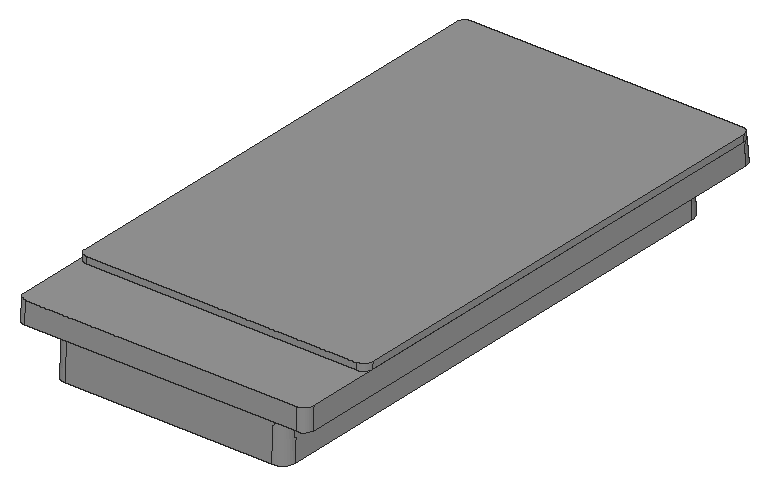
Revit family "AlarmsAlarmConsole", category Security Devices, host Face, Revit 2019
Family settings
  Host = Face
  Maintain Annotation Orientation = Yes
  Round Connector Dimension = Use Diameter
  Part Type = Normal
  Cut with Voids When Loaded = No
  Shared = No
  Room Calculation Point = Yes
Parameters (values of type "BC82")
  Width = 6.35"
  URL = "https://www.verkada.com/alarms/console/"
  Type Image = BC82.png
  BC82 = yes
  BC51 Tablet = no
  BC51 Mount = no
  Model = "BC82-HW"
  Manufacturer = "VERKADA"  # constant formula
  Length = 12.22"
  Height = 1.59"
  Description = "ALARM CONSOLE"
  Default Elevation = 48.0"
  Corner Radius = 0.25"  # constant formula
Types (3): name | Width | Type Image | BC82 | BC51 Tablet | BC51 Mount | Model | Length | Height | Description
  BC51 Mount | 6.8" | BC51.png | no | no | yes | "BC51-HW" | 9.8" | 1.5" | "ALARM CONSOLE - WALL MOUNT"
  BC51 Tablet | 6.8" | BC51.png | no | yes | no | "BC51-HW" | 9.8" | 0.29" | "ALARM CONSOLE - TABLET"
  BC82 | 6.35" | BC82.png | yes | no | no | "BC82-HW" | 12.22" | 1.59" | "ALARM CONSOLE"
Reference planes (in)
  plane 1 "Center (Front/Back)": y = 0
  plane 2: z = 0
  plane 3 "Center (Left/Right)": x = 0
  plane 4: x = 3.175
  plane 5: y = 6.11
  plane 6: y = -6.11
  plane 7: x = -3.175
  plane 8: z = 1.59
Forms (in)
  Extrusion 1, solid, material "Verkada Black", visible <- "BC51 Tablet"
    sketch origin (0, 0, 0) x (1, 0, 0) y (0, 1, 0)
      loop
        arc (-2.925, 6.11) -> (-3.10178, 6.03678) -> (-3.175, 5.86) r 0.25
        line (-3.175, 5.86) -> (-3.175, -5.86)
        arc (-3.175, -5.86) -> (-3.10178, -6.03678) -> (-2.925, -6.11) r 0.25
        line (-2.925, -6.11) -> (2.925, -6.11)
        arc (2.925, -6.11) -> (3.10178, -6.03678) -> (3.175, -5.86) r 0.25
        line (3.175, -5.86) -> (3.175, 5.86)
        arc (3.175, 5.86) -> (3.10178, 6.03678) -> (2.925, 6.11) r 0.25
        line (2.925, 6.11) -> (-2.925, 6.11)
    from 0 to 1.59 <- "Height"
  Extrusion 2, void
    sketch origin (0.00198, -0.25994, 0) x (1, 0, 0) y (0, 1, 0)
      loop
        circle (0, 5.85417) r 0.03126
      loop
        circle (0, -5.62285) r 0.21785
    from 0 to 1.59
  Extrusion 3, solid, material "Verkada Black", visible <- "BC51 Mount"
    sketch origin (0, 0, 0) x (1, 0, 0) y (0, 1, 0)
      loop
        arc (-3.50374, 6.6725) -> (-3.68052, 6.59928) -> (-3.75374, 6.4225) r 0.25
        line (-3.75374, 6.4225) -> (-3.75374, -7.5475) -> (3.75374, -7.5475) -> (3.75374, 6.4225)
        arc (3.75374, 6.4225) -> (3.68052, 6.59928) -> (3.50374, 6.6725) r 0.25
        line (3.50374, 6.6725) -> (-3.50374, 6.6725)
      loop
        line (2.925, 6.11) -> (-2.925, 6.11)
        arc (-2.925, 6.11) -> (-3.10178, 6.03678) -> (-3.175, 5.86) r 0.25
        line (-3.175, 5.86) -> (-3.175, -5.86)
        arc (-3.175, -5.86) -> (-3.10178, -6.03678) -> (-2.925, -6.11) r 0.25
        line (-2.925, -6.11) -> (2.925, -6.11)
        arc (2.925, -6.11) -> (3.10178, -6.03678) -> (3.175, -5.86) r 0.25
        line (3.175, -5.86) -> (3.175, 5.86)
        arc (3.175, 5.86) -> (3.10178, 6.03678) -> (2.925, 6.11) r 0.25
    from 0 to 1.59 <- "Height"
Dimensions and locks (in)
  equal spacing: plane 7, plane 3 "Center (Left/Right)", plane 4
  "Width": plane 7 to plane 4
  "Height": plane 8 to level
  equal spacing: plane 6, plane 1 "Center (Front/Back)", plane 5
  "Length": plane 6 to plane 5
  "Corner Radius": radius of Extrusion 1 sketch curve  (x4)
  aligned and locked: plane 2 to host face
  aligned and locked: level to host face
  aligned and locked: plane 5 to Extrusion 1 sketch curve
  aligned and locked: plane 7 to Extrusion 1 sketch curve
  aligned and locked: Extrusion 1 sketch curve to plane 6
  aligned and locked: Extrusion 1 sketch curve to plane 4
  aligned and locked: Extrusion 2 to level
  aligned and locked: Extrusion 2 to plane 8
Automatic sketch dimensions
  host sketch curve to host sketch curve = 96.0"  (x2)
  Extrusion 3 sketch curve to plane 7 = 0.57874"
  Extrusion 3 sketch curve to Extrusion 3 sketch curve = 0.25"  (x2)
  plane 4 to Extrusion 3 sketch curve = 0.32874"
  plane 6 to Extrusion 3 sketch curve = 1.4375"
  Extrusion 3 sketch curve to plane 5 = 0.3125"
  Extrusion 3 sketch curve to plane 7 = 0.0"
  plane 6 to Extrusion 3 sketch curve = 0.0"
  plane 5 to Extrusion 3 sketch curve = 0.0"
  Extrusion 3 sketch curve to plane 4 = 0.0"
  plane 7 to Extrusion 3 sketch curve = 0.25"  (x2)
  Extrusion 3 sketch curve to plane 4 = 0.25"  (x2)
  plane 3 "Center (Left/Right)" to Extrusion 2 sketch curve = 0.00198"  (x2)
  Extrusion 2 sketch curve to plane 6 = 0.22722"
  plane 5 to Extrusion 2 sketch curve = 0.51577"
  radius of Extrusion 2 sketch curve = 0.03126"
  radius of Extrusion 2 sketch curve = 0.21785"
Nested families (in)
  nested 1: "PlanSymbol_AlarmConsole" at (0, 0, 0), type "Standard"
  nested 2: "AlarmConsole" at (0, 0, 0), visible <- "BC82", type "BC82"
Connectors (in)
  electrical at (0, 0, 0)
    settings: index 2, voltage 0 V, apparent load 0 VA, apparent load phase1 0 VA, apparent load phase2 0 VA, apparent load phase3 0 VA, power factor 1, load classification "Other", number of poles 1, system type 10, power factor state 1, is connector primary yes, connector utility no, sub classification motor no, connector description ""
Definition of nested family "AlarmConsole"
  Parameters (values of type "BC82")
    Width = 6.35"
    URL = "https://www.verkada.com/alarms/console/"
    Type Image = (empty or 0)
    Model = "BC82"
    Manufacturer = "VERKADA"  # constant formula
    Length = 12.22"
    Height = 1.59"
    Description = "ALARM CONSOLE"
    Default Elevation = 48.0"
    Corner Radius = 0.15"  # constant formula
  Reference planes (in)
    plane 1 "Center (Front/Back)": y = 0
    plane 2: z = 0
    plane 3 "Center (Left/Right)": x = 0
    plane 4: x = 3.175
    plane 5: y = 6.11
    plane 6: y = -6.11
    plane 7: x = -3.175
    plane 8: z = 1.59
  Forms (in)
    Extrusion 1, solid
      sketch origin (0, 0, 0) x (1, 0, 0) y (0, 1, 0)
        loop
          line (-48, 48) -> (-48, -48) -> (48, -48) -> (48, 48) -> (-48, 48)
      from 0 to -12
    Blend 2, solid
      base sketch origin (18.21374, -10.60161, 0.98426) x (1, 0, 0) y (0, 1, 0)
        loop
          arc (-21.19654, 16.71525) -> (-21.33555, 16.65768) -> (-21.39312, 16.51867) r 0.19658
          line (-21.39312, 16.51867) -> (-21.39312, 4.69175)
          arc (-21.39312, 4.69175) -> (-21.33554, 4.55275) -> (-21.19654, 4.49517) r 0.19658
          line (-21.19654, 4.49517) -> (-15.24466, 4.49517)
          arc (-15.24466, 4.49517) -> (-15.10159, 4.55443) -> (-15.04233, 4.6975) r 0.20234
          line (-15.04233, 4.6975) -> (-15.04233, 16.52391)
          arc (-15.04233, 16.52391) -> (-15.09837, 16.65921) -> (-15.23367, 16.71525) r 0.19134
          line (-15.23367, 16.71525) -> (-21.19654, 16.71525)
      top sketch origin (18.21374, -10.60161, 0.98426) x (1, 0, 0) y (0, 1, 0)
        loop
          arc (-21.17119, 16.69525) -> (-21.31456, 16.63587) -> (-21.37395, 16.4925) r 0.20276
          line (-21.37395, 16.4925) -> (-21.37395, 4.71072)
          arc (-21.37395, 4.71072) -> (-21.31601, 4.57084) -> (-21.17613, 4.51291) r 0.19782
          line (-21.17613, 4.51291) -> (-15.26029, 4.51291)
          arc (-15.26029, 4.51291) -> (-15.11409, 4.57346) -> (-15.05353, 4.71966) r 0.20676
          line (-15.05353, 4.71966) -> (-15.05353, 16.5116)
          arc (-15.05353, 16.5116) -> (-15.10732, 16.64146) -> (-15.23718, 16.69525) r 0.18365
          line (-15.23718, 16.69525) -> (-21.17119, 16.69525)
      from 0 to 0.46731
    Extrusion 3, solid
      sketch origin (0, 0, 1.49) x (0, -1, 0) y (1, 0, 0)
        loop
          line (-6.0807, 2.96549) -> (-6.0807, -2.96245)
          arc (-6.0807, -2.96245) -> (-6.02797, -3.08973) -> (-5.9007, -3.14245) r 0.18
          line (-5.9007, -3.14245) -> (4.25677, -3.14245)
          arc (4.25677, -3.14245) -> (4.38405, -3.08973) -> (4.43677, -2.96245) r 0.18
          line (4.43677, -2.96245) -> (4.43677, 2.95276)
          arc (4.43677, 2.95276) -> (4.3794, 3.09127) -> (4.24089, 3.14864) r 0.19588
          line (4.24089, 3.14864) -> (-5.89755, 3.14864)
          arc (-5.89755, 3.14864) -> (-6.02705, 3.095) -> (-6.0807, 2.96549) r 0.18315
      from -0.03843 to 0.1
    Blend 4, solid
      base sketch origin (18.21923, -10.59248, 0.78426) x (1, 0, 0) y (0, 1, 0)
        loop
          line (-15.66968, 4.9956) -> (-15.66968, 15.82366)
          arc (-15.66968, 15.82366) -> (-15.75461, 16.02872) -> (-15.95968, 16.11366) r 0.29
          line (-15.95968, 16.11366) -> (-20.47577, 16.11366)
          arc (-20.47577, 16.11366) -> (-20.68083, 16.02872) -> (-20.76577, 15.82366) r 0.29
          line (-20.76577, 15.82366) -> (-20.76577, 4.99259)
          arc (-20.76577, 4.99259) -> (-20.68083, 4.78753) -> (-20.47577, 4.70259) r 0.29
          line (-20.47577, 4.70259) -> (-15.96268, 4.70259)
          arc (-15.96268, 4.70259) -> (-15.7555, 4.78841) -> (-15.66968, 4.9956) r 0.29301
      top sketch origin (18.21923, -10.59248, 0.78426) x (1, 0, 0) y (0, 1, 0)
        loop
          line (-15.95489, 16.07364) -> (-20.47572, 16.07364)
          arc (-20.47572, 16.07364) -> (-20.65248, 16.00042) -> (-20.72569, 15.82367) r 0.24997
          line (-20.72569, 15.82367) -> (-20.72569, 4.99222)
          arc (-20.72569, 4.99222) -> (-20.65253, 4.81558) -> (-20.47589, 4.74242) r 0.2498
          line (-20.47589, 4.74242) -> (-15.96274, 4.74242)
          arc (-15.96274, 4.74242) -> (-15.78377, 4.81655) -> (-15.70964, 4.99552) r 0.2531
          line (-15.70964, 4.99552) -> (-15.70964, 15.82366)
          arc (-15.70964, 15.82366) -> (-15.78119, 15.99876) -> (-15.95489, 16.07364) r 0.25002
      from -0.78426 to 0.2
  Dimensions and locks (in)
    equal spacing: plane 7, plane 3 "Center (Left/Right)", plane 4
    "Width": plane 7 to plane 4
    "Height": plane 8 to level
    equal spacing: plane 6, plane 1 "Center (Front/Back)", plane 5
    "Length": plane 6 to plane 5
    aligned and locked: plane 2 to Extrusion 1
    aligned and locked: level to Extrusion 1
  Automatic sketch dimensions
    Extrusion 1 sketch curve to Extrusion 1 sketch curve = 96.0"  (x2)
    Blend 2 sketch curve to plane 6 = 0.20014"
    Blend 2 sketch curve to plane 7 = 0.00438"
    Blend 2 sketch curve to Blend 2 sketch curve = 0.19658"  (x2)
    Blend 2 sketch curve to plane 6 = 0.20589"
    plane 7 to Blend 2 sketch curve = 6.14408"
    Blend 2 sketch curve to Blend 2 sketch curve = 0.19134"
    plane 5 to Blend 2 sketch curve = 0.19294"
    Blend 2 sketch curve to plane 6 = 0.21911"
    plane 7 to Blend 2 sketch curve = 0.01479"
    Blend 2 sketch curve to Blend 2 sketch curve = 0.19782"
    Blend 2 sketch curve to Blend 2 sketch curve = 0.20276"
    plane 7 to Blend 2 sketch curve = 6.12845"
    plane 5 to Blend 2 sketch curve = 0.01636"
    plane 7 to Blend 2 sketch curve = 6.15155"
    Blend 2 sketch curve to plane 6 = 0.22805"
    plane 5 to Extrusion 3 sketch curve = 0.0293"
    plane 7 to Extrusion 3 sketch curve = 0.03255"
    plane 5 to Extrusion 3 sketch curve = 0.2093"
    Extrusion 3 sketch curve to Extrusion 3 sketch curve = 0.18315"
    Extrusion 3 sketch curve to plane 4 = 0.02636"
    plane 7 to Extrusion 3 sketch curve = 0.21255"
    Extrusion 3 sketch curve to plane 6 = 1.85323"
    Extrusion 3 sketch curve to Extrusion 3 sketch curve = 0.19588"
    Blend 4 sketch curve to plane 6 = 0.51011"
    plane 7 to Blend 4 sketch curve = 0.62846"
    Blend 4 sketch curve to Blend 4 sketch curve = 0.29"  (x3)
    Blend 4 sketch curve to plane 6 = 0.51312"
    plane 7 to Blend 4 sketch curve = 5.43154"
    plane 5 to Blend 4 sketch curve = 0.87882"  (x2)
    plane 5 to Blend 4 sketch curve = 0.87881"
    plane 7 to Blend 4 sketch curve = 0.66853"
    Blend 4 sketch curve to Blend 4 sketch curve = 0.2498"
    Blend 4 sketch curve to Blend 4 sketch curve = 0.24997"
    Blend 4 sketch curve to plane 6 = 0.25994"
    plane 7 to Blend 4 sketch curve = 5.43149"
    plane 7 to Blend 4 sketch curve = 5.43457"
    Blend 4 sketch curve to Blend 4 sketch curve = 0.00477"
  Nested families (in)
    nested 1: "BC82 Speaker" at (0, -4.54716, 1.45157), type "Standard"
  Definition of nested family "BC82 Speaker"
    Reference planes (in)
      plane 1 "Center (Front/Back)": y = 0
      plane 2: z = 0
      plane 3 "Center (Left/Right)": x = 0
    Lines and regions (in)
      model lines
        curve 1: circle (-2.95379, -0.01285, 0) r 0.04395 normal (0, 0, -1)
        curve 2: circle (-2.80608, -0.01285, 0) r 0.04395 normal (0, 0, -1)
        curve 3: circle (-2.65838, -0.01285, 0) r 0.04395 normal (0, 0, -1)
        curve 4: circle (-2.51068, -0.01285, 0) r 0.04395 normal (0, 0, -1)
        curve 5: circle (-2.36297, -0.01285, 0) r 0.04395 normal (0, 0, -1)
        curve 6: circle (-2.21527, -0.01285, 0) r 0.04395 normal (0, 0, -1)
        curve 7: circle (-2.06757, -0.01285, 0) r 0.04395 normal (0, 0, -1)
        curve 8: circle (-1.91987, -0.01285, 0) r 0.04395 normal (0, 0, -1)
        curve 9: circle (-1.77216, -0.01285, 0) r 0.04395 normal (0, 0, -1)
        curve 10: circle (-1.62446, -0.01285, 0) r 0.04395 normal (0, 0, -1)
        curve 11: circle (-1.47676, -0.01285, 0) r 0.04395 normal (0, 0, -1)
        curve 12: circle (-1.32906, -0.01285, 0) r 0.04395 normal (0, 0, -1)
        curve 13: circle (-1.18135, -0.01285, 0) r 0.04395 normal (0, 0, -1)
        curve 14: circle (-1.03365, -0.01285, 0) r 0.04395 normal (0, 0, -1)
        curve 15: circle (-0.88595, -0.01285, 0) r 0.04395 normal (0, 0, -1)
        curve 16: circle (-0.73824, -0.01285, 0) r 0.04395 normal (0, 0, -1)
        curve 17: circle (-0.59054, -0.01285, 0) r 0.04395 normal (0, 0, -1)
        curve 18: circle (-0.44284, -0.01285, 0) r 0.04395 normal (0, 0, -1)
        curve 19: circle (-0.29514, -0.01285, 0) r 0.04395 normal (0, 0, -1)
        curve 20: circle (-0.14743, -0.01285, 0) r 0.04395 normal (0, 0, -1)
        curve 21: circle (0.00027, -0.01285, 0) r 0.04395 normal (0, 0, -1)
        curve 22: circle (0.14797, -0.01285, 0) r 0.04395 normal (0, 0, -1)
        curve 23: circle (0.29568, -0.01285, 0) r 0.04395 normal (0, 0, -1)
        curve 24: circle (0.44338, -0.01285, 0) r 0.04395 normal (0, 0, -1)
        curve 25: circle (0.59108, -0.01285, 0) r 0.04395 normal (0, 0, -1)
        curve 26: circle (0.73878, -0.01285, 0) r 0.04395 normal (0, 0, -1)
        curve 27: circle (0.88649, -0.01285, 0) r 0.04395 normal (0, 0, -1)
        curve 28: circle (1.03419, -0.01285, 0) r 0.04395 normal (0, 0, -1)
        curve 29: circle (1.18189, -0.01285, 0) r 0.04395 normal (0, 0, -1)
        curve 30: circle (1.32959, -0.01285, 0) r 0.04395 normal (0, 0, -1)
        curve 31: circle (1.4773, -0.01285, 0) r 0.04395 normal (0, 0, -1)
        curve 32: circle (1.625, -0.01285, 0) r 0.04395 normal (0, 0, -1)
        curve 33: circle (1.7727, -0.01285, 0) r 0.04395 normal (0, 0, -1)
        curve 34: circle (1.92041, -0.01285, 0) r 0.04395 normal (0, 0, -1)
        curve 35: circle (2.06811, -0.01285, 0) r 0.04395 normal (0, 0, -1)
        curve 36: circle (2.21581, -0.01285, 0) r 0.04395 normal (0, 0, -1)
        curve 37: circle (2.36351, -0.01285, 0) r 0.04395 normal (0, 0, -1)
        curve 38: circle (2.51122, -0.01285, 0) r 0.04395 normal (0, 0, -1)
        curve 39: circle (2.65892, -0.01285, 0) r 0.04395 normal (0, 0, -1)
        curve 40: circle (2.80662, -0.01285, 0) r 0.04395 normal (0, 0, -1)
        curve 41: circle (2.95433, -0.01285, 0) r 0.04395 normal (0, 0, -1)
        curve 42: circle (-2.95379, -0.16055, 0) r 0.04395 normal (0, 0, -1)
        curve 43: circle (-2.80608, -0.16055, 0) r 0.04395 normal (0, 0, -1)
        curve 44: circle (-2.65838, -0.16055, 0) r 0.04395 normal (0, 0, -1)
        curve 45: circle (-2.51068, -0.16055, 0) r 0.04395 normal (0, 0, -1)
        curve 46: circle (-2.36297, -0.16055, 0) r 0.04395 normal (0, 0, -1)
        curve 47: circle (-2.21527, -0.16055, 0) r 0.04395 normal (0, 0, -1)
        curve 48: circle (-2.06757, -0.16055, 0) r 0.04395 normal (0, 0, -1)
        curve 49: circle (-1.91987, -0.16055, 0) r 0.04395 normal (0, 0, -1)
        curve 50: circle (-1.77216, -0.16055, 0) r 0.04395 normal (0, 0, -1)
        curve 51: circle (-1.62446, -0.16055, 0) r 0.04395 normal (0, 0, -1)
        curve 52: circle (-1.47676, -0.16055, 0) r 0.04395 normal (0, 0, -1)
        curve 53: circle (-1.32906, -0.16055, 0) r 0.04395 normal (0, 0, -1)
        curve 54: circle (-1.18135, -0.16055, 0) r 0.04395 normal (0, 0, -1)
        curve 55: circle (-1.03365, -0.16055, 0) r 0.04395 normal (0, 0, -1)
        curve 56: circle (-0.88595, -0.16055, 0) r 0.04395 normal (0, 0, -1)
        curve 57: circle (-0.73824, -0.16055, 0) r 0.04395 normal (0, 0, -1)
        curve 58: circle (-0.59054, -0.16055, 0) r 0.04395 normal (0, 0, -1)
        curve 59: circle (-0.44284, -0.16055, 0) r 0.04395 normal (0, 0, -1)
        curve 60: circle (-0.29514, -0.16055, 0) r 0.04395 normal (0, 0, -1)
        curve 61: circle (-0.14743, -0.16055, 0) r 0.04395 normal (0, 0, -1)
        curve 62: circle (0.00027, -0.16055, 0) r 0.04395 normal (0, 0, -1)
        curve 63: circle (0.14797, -0.16055, 0) r 0.04395 normal (0, 0, -1)
        curve 64: circle (0.29568, -0.16055, 0) r 0.04395 normal (0, 0, -1)
        curve 65: circle (0.44338, -0.16055, 0) r 0.04395 normal (0, 0, -1)
        curve 66: circle (0.59108, -0.16055, 0) r 0.04395 normal (0, 0, -1)
        curve 67: circle (0.73878, -0.16055, 0) r 0.04395 normal (0, 0, -1)
        curve 68: circle (0.88649, -0.16055, 0) r 0.04395 normal (0, 0, -1)
        curve 69: circle (1.03419, -0.16055, 0) r 0.04395 normal (0, 0, -1)
        curve 70: circle (1.18189, -0.16055, 0) r 0.04395 normal (0, 0, -1)
        curve 71: circle (1.32959, -0.16055, 0) r 0.04395 normal (0, 0, -1)
        curve 72: circle (1.4773, -0.16055, 0) r 0.04395 normal (0, 0, -1)
        curve 73: circle (1.625, -0.16055, 0) r 0.04395 normal (0, 0, -1)
        curve 74: circle (1.7727, -0.16055, 0) r 0.04395 normal (0, 0, -1)
        curve 75: circle (1.92041, -0.16055, 0) r 0.04395 normal (0, 0, -1)
        curve 76: circle (2.06811, -0.16055, 0) r 0.04395 normal (0, 0, -1)
        curve 77: circle (2.21581, -0.16055, 0) r 0.04395 normal (0, 0, -1)
        curve 78: circle (2.36351, -0.16055, 0) r 0.04395 normal (0, 0, -1)
        curve 79: circle (2.51122, -0.16055, 0) r 0.04395 normal (0, 0, -1)
        curve 80: circle (2.65892, -0.16055, 0) r 0.04395 normal (0, 0, -1)
        curve 81: circle (2.80662, -0.16055, 0) r 0.04395 normal (0, 0, -1)
        curve 82: circle (2.95433, -0.16055, 0) r 0.04395 normal (0, 0, -1)
        curve 83: circle (-2.95379, -0.30825, 0) r 0.04395 normal (0, 0, -1)
        curve 84: circle (-2.80608, -0.30825, 0) r 0.04395 normal (0, 0, -1)
        curve 85: circle (-2.65838, -0.30825, 0) r 0.04395 normal (0, 0, -1)
        curve 86: circle (-2.51068, -0.30825, 0) r 0.04395 normal (0, 0, -1)
        curve 87: circle (-2.36297, -0.30825, 0) r 0.04395 normal (0, 0, -1)
        curve 88: circle (-2.21527, -0.30825, 0) r 0.04395 normal (0, 0, -1)
        curve 89: circle (-2.06757, -0.30825, 0) r 0.04395 normal (0, 0, -1)
        curve 90: circle (-1.91987, -0.30825, 0) r 0.04395 normal (0, 0, -1)
        curve 91: circle (-1.77216, -0.30825, 0) r 0.04395 normal (0, 0, -1)
        curve 92: circle (-1.62446, -0.30825, 0) r 0.04395 normal (0, 0, -1)
        curve 93: circle (-1.47676, -0.30825, 0) r 0.04395 normal (0, 0, -1)
        curve 94: circle (-1.32906, -0.30825, 0) r 0.04395 normal (0, 0, -1)
        curve 95: circle (-1.18135, -0.30825, 0) r 0.04395 normal (0, 0, -1)
        curve 96: circle (-1.03365, -0.30825, 0) r 0.04395 normal (0, 0, -1)
        curve 97: circle (-0.88595, -0.30825, 0) r 0.04395 normal (0, 0, -1)
        curve 98: circle (-0.73824, -0.30825, 0) r 0.04395 normal (0, 0, -1)
        curve 99: circle (-0.59054, -0.30825, 0) r 0.04395 normal (0, 0, -1)
        curve 100: circle (-0.44284, -0.30825, 0) r 0.04395 normal (0, 0, -1)
        curve 101: circle (-0.29514, -0.30825, 0) r 0.04395 normal (0, 0, -1)
        curve 102: circle (-0.14743, -0.30825, 0) r 0.04395 normal (0, 0, -1)
        curve 103: circle (0.00027, -0.30825, 0) r 0.04395 normal (0, 0, -1)
        curve 104: circle (0.14797, -0.30825, 0) r 0.04395 normal (0, 0, -1)
        curve 105: circle (0.29568, -0.30825, 0) r 0.04395 normal (0, 0, -1)
        curve 106: circle (0.44338, -0.30825, 0) r 0.04395 normal (0, 0, -1)
        curve 107: circle (0.59108, -0.30825, 0) r 0.04395 normal (0, 0, -1)
        curve 108: circle (0.73878, -0.30825, 0) r 0.04395 normal (0, 0, -1)
        curve 109: circle (0.88649, -0.30825, 0) r 0.04395 normal (0, 0, -1)
        curve 110: circle (1.03419, -0.30825, 0) r 0.04395 normal (0, 0, -1)
        curve 111: circle (1.18189, -0.30825, 0) r 0.04395 normal (0, 0, -1)
        curve 112: circle (1.32959, -0.30825, 0) r 0.04395 normal (0, 0, -1)
        curve 113: circle (1.4773, -0.30825, 0) r 0.04395 normal (0, 0, -1)
        curve 114: circle (1.625, -0.30825, 0) r 0.04395 normal (0, 0, -1)
        curve 115: circle (1.7727, -0.30825, 0) r 0.04395 normal (0, 0, -1)
        curve 116: circle (1.92041, -0.30825, 0) r 0.04395 normal (0, 0, -1)
        curve 117: circle (2.06811, -0.30825, 0) r 0.04395 normal (0, 0, -1)
        curve 118: circle (2.21581, -0.30825, 0) r 0.04395 normal (0, 0, -1)
        curve 119: circle (2.36351, -0.30825, 0) r 0.04395 normal (0, 0, -1)
        curve 120: circle (2.51122, -0.30825, 0) r 0.04395 normal (0, 0, -1)
        curve 121: circle (2.65892, -0.30825, 0) r 0.04395 normal (0, 0, -1)
        curve 122: circle (2.80662, -0.30825, 0) r 0.04395 normal (0, 0, -1)
        curve 123: circle (2.95433, -0.30825, 0) r 0.04395 normal (0, 0, -1)
        curve 124: circle (-2.95379, -0.45595, 0) r 0.04395 normal (0, 0, -1)
        curve 125: circle (-2.80608, -0.45595, 0) r 0.04395 normal (0, 0, -1)
        curve 126: circle (-2.65838, -0.45595, 0) r 0.04395 normal (0, 0, -1)
        curve 127: circle (-2.51068, -0.45595, 0) r 0.04395 normal (0, 0, -1)
        curve 128: circle (-2.36297, -0.45595, 0) r 0.04395 normal (0, 0, -1)
        curve 129: circle (-2.21527, -0.45595, 0) r 0.04395 normal (0, 0, -1)
        curve 130: circle (-2.06757, -0.45595, 0) r 0.04395 normal (0, 0, -1)
        curve 131: circle (-1.91987, -0.45595, 0) r 0.04395 normal (0, 0, -1)
        curve 132: circle (-1.77216, -0.45595, 0) r 0.04395 normal (0, 0, -1)
        curve 133: circle (-1.62446, -0.45595, 0) r 0.04395 normal (0, 0, -1)
        curve 134: circle (-1.47676, -0.45595, 0) r 0.04395 normal (0, 0, -1)
        curve 135: circle (-1.32906, -0.45595, 0) r 0.04395 normal (0, 0, -1)
        curve 136: circle (-1.18135, -0.45595, 0) r 0.04395 normal (0, 0, -1)
        curve 137: circle (-1.03365, -0.45595, 0) r 0.04395 normal (0, 0, -1)
        curve 138: circle (-0.88595, -0.45595, 0) r 0.04395 normal (0, 0, -1)
        curve 139: circle (-0.73824, -0.45595, 0) r 0.04395 normal (0, 0, -1)
        curve 140: circle (-0.59054, -0.45595, 0) r 0.04395 normal (0, 0, -1)
        curve 141: circle (-0.44284, -0.45595, 0) r 0.04395 normal (0, 0, -1)
        curve 142: circle (-0.29514, -0.45595, 0) r 0.04395 normal (0, 0, -1)
        curve 143: circle (-0.14743, -0.45595, 0) r 0.04395 normal (0, 0, -1)
        curve 144: circle (0.00027, -0.45595, 0) r 0.04395 normal (0, 0, -1)
        curve 145: circle (0.14797, -0.45595, 0) r 0.04395 normal (0, 0, -1)
        curve 146: circle (0.29568, -0.45595, 0) r 0.04395 normal (0, 0, -1)
        curve 147: circle (0.44338, -0.45595, 0) r 0.04395 normal (0, 0, -1)
        curve 148: circle (0.59108, -0.45595, 0) r 0.04395 normal (0, 0, -1)
        curve 149: circle (0.73878, -0.45595, 0) r 0.04395 normal (0, 0, -1)
        curve 150: circle (0.88649, -0.45595, 0) r 0.04395 normal (0, 0, -1)
        curve 151: circle (1.03419, -0.45595, 0) r 0.04395 normal (0, 0, -1)
        curve 152: circle (1.18189, -0.45595, 0) r 0.04395 normal (0, 0, -1)
        curve 153: circle (1.32959, -0.45595, 0) r 0.04395 normal (0, 0, -1)
        curve 154: circle (1.4773, -0.45595, 0) r 0.04395 normal (0, 0, -1)
        curve 155: circle (1.625, -0.45595, 0) r 0.04395 normal (0, 0, -1)
        curve 156: circle (1.7727, -0.45595, 0) r 0.04395 normal (0, 0, -1)
        curve 157: circle (1.92041, -0.45595, 0) r 0.04395 normal (0, 0, -1)
        curve 158: circle (2.06811, -0.45595, 0) r 0.04395 normal (0, 0, -1)
        curve 159: circle (2.21581, -0.45595, 0) r 0.04395 normal (0, 0, -1)
        curve 160: circle (2.36351, -0.45595, 0) r 0.04395 normal (0, 0, -1)
        curve 161: circle (2.51122, -0.45595, 0) r 0.04395 normal (0, 0, -1)
        curve 162: circle (2.65892, -0.45595, 0) r 0.04395 normal (0, 0, -1)
        curve 163: circle (2.80662, -0.45595, 0) r 0.04395 normal (0, 0, -1)
        curve 164: circle (2.95433, -0.45595, 0) r 0.04395 normal (0, 0, -1)
        curve 165: circle (-2.95379, -0.60366, 0) r 0.04395 normal (0, 0, -1)
        curve 166: circle (-2.80608, -0.60366, 0) r 0.04395 normal (0, 0, -1)
        curve 167: circle (-2.65838, -0.60366, 0) r 0.04395 normal (0, 0, -1)
        curve 168: circle (-2.51068, -0.60366, 0) r 0.04395 normal (0, 0, -1)
        curve 169: circle (-2.36297, -0.60366, 0) r 0.04395 normal (0, 0, -1)
        curve 170: circle (-2.21527, -0.60366, 0) r 0.04395 normal (0, 0, -1)
        curve 171: circle (-2.06757, -0.60366, 0) r 0.04395 normal (0, 0, -1)
        curve 172: circle (-1.91987, -0.60366, 0) r 0.04395 normal (0, 0, -1)
        curve 173: circle (-1.77216, -0.60366, 0) r 0.04395 normal (0, 0, -1)
        curve 174: circle (-1.62446, -0.60366, 0) r 0.04395 normal (0, 0, -1)
        curve 175: circle (-1.47676, -0.60366, 0) r 0.04395 normal (0, 0, -1)
        curve 176: circle (-1.32906, -0.60366, 0) r 0.04395 normal (0, 0, -1)
        curve 177: circle (-1.18135, -0.60366, 0) r 0.04395 normal (0, 0, -1)
        curve 178: circle (-1.03365, -0.60366, 0) r 0.04395 normal (0, 0, -1)
        curve 179: circle (-0.88595, -0.60366, 0) r 0.04395 normal (0, 0, -1)
        curve 180: circle (-0.73824, -0.60366, 0) r 0.04395 normal (0, 0, -1)
        curve 181: circle (-0.59054, -0.60366, 0) r 0.04395 normal (0, 0, -1)
        curve 182: circle (-0.44284, -0.60366, 0) r 0.04395 normal (0, 0, -1)
        curve 183: circle (-0.29514, -0.60366, 0) r 0.04395 normal (0, 0, -1)
        curve 184: circle (-0.14743, -0.60366, 0) r 0.04395 normal (0, 0, -1)
        curve 185: circle (0.00027, -0.60366, 0) r 0.04395 normal (0, 0, -1)
        curve 186: circle (0.14797, -0.60366, 0) r 0.04395 normal (0, 0, -1)
        curve 187: circle (0.29568, -0.60366, 0) r 0.04395 normal (0, 0, -1)
        curve 188: circle (0.44338, -0.60366, 0) r 0.04395 normal (0, 0, -1)
        curve 189: circle (0.59108, -0.60366, 0) r 0.04395 normal (0, 0, -1)
        curve 190: circle (0.73878, -0.60366, 0) r 0.04395 normal (0, 0, -1)
        curve 191: circle (0.88649, -0.60366, 0) r 0.04395 normal (0, 0, -1)
        curve 192: circle (1.03419, -0.60366, 0) r 0.04395 normal (0, 0, -1)
        curve 193: circle (1.18189, -0.60366, 0) r 0.04395 normal (0, 0, -1)
        curve 194: circle (1.32959, -0.60366, 0) r 0.04395 normal (0, 0, -1)
        curve 195: circle (1.4773, -0.60366, 0) r 0.04395 normal (0, 0, -1)
        curve 196: circle (1.625, -0.60366, 0) r 0.04395 normal (0, 0, -1)
        curve 197: circle (1.7727, -0.60366, 0) r 0.04395 normal (0, 0, -1)
        curve 198: circle (1.92041, -0.60366, 0) r 0.04395 normal (0, 0, -1)
        curve 199: circle (2.06811, -0.60366, 0) r 0.04395 normal (0, 0, -1)
        curve 200: circle (2.21581, -0.60366, 0) r 0.04395 normal (0, 0, -1)
        curve 201: circle (2.36351, -0.60366, 0) r 0.04395 normal (0, 0, -1)
        curve 202: circle (2.51122, -0.60366, 0) r 0.04395 normal (0, 0, -1)
        curve 203: circle (2.65892, -0.60366, 0) r 0.04395 normal (0, 0, -1)
        curve 204: circle (2.80662, -0.60366, 0) r 0.04395 normal (0, 0, -1)
        curve 205: circle (2.95433, -0.60366, 0) r 0.04395 normal (0, 0, -1)
        curve 206: circle (-2.95379, -0.75136, 0) r 0.04395 normal (0, 0, -1)
        curve 207: circle (-2.80608, -0.75136, 0) r 0.04395 normal (0, 0, -1)
        curve 208: circle (-2.65838, -0.75136, 0) r 0.04395 normal (0, 0, -1)
        curve 209: circle (-2.51068, -0.75136, 0) r 0.04395 normal (0, 0, -1)
        curve 210: circle (-2.36297, -0.75136, 0) r 0.04395 normal (0, 0, -1)
        curve 211: circle (-2.21527, -0.75136, 0) r 0.04395 normal (0, 0, -1)
        curve 212: circle (-2.06757, -0.75136, 0) r 0.04395 normal (0, 0, -1)
        curve 213: circle (-1.91987, -0.75136, 0) r 0.04395 normal (0, 0, -1)
        curve 214: circle (-1.77216, -0.75136, 0) r 0.04395 normal (0, 0, -1)
        curve 215: circle (-1.62446, -0.75136, 0) r 0.04395 normal (0, 0, -1)
        curve 216: circle (-1.47676, -0.75136, 0) r 0.04395 normal (0, 0, -1)
        curve 217: circle (-1.32906, -0.75136, 0) r 0.04395 normal (0, 0, -1)
        curve 218: circle (-1.18135, -0.75136, 0) r 0.04395 normal (0, 0, -1)
        curve 219: circle (-1.03365, -0.75136, 0) r 0.04395 normal (0, 0, -1)
        curve 220: circle (-0.88595, -0.75136, 0) r 0.04395 normal (0, 0, -1)
        curve 221: circle (-0.73824, -0.75136, 0) r 0.04395 normal (0, 0, -1)
        curve 222: circle (-0.59054, -0.75136, 0) r 0.04395 normal (0, 0, -1)
        curve 223: circle (-0.44284, -0.75136, 0) r 0.04395 normal (0, 0, -1)
        curve 224: circle (-0.29514, -0.75136, 0) r 0.04395 normal (0, 0, -1)
        curve 225: circle (-0.14743, -0.75136, 0) r 0.04395 normal (0, 0, -1)
        curve 226: circle (0.00027, -0.75136, 0) r 0.04395 normal (0, 0, -1)
        curve 227: circle (0.14797, -0.75136, 0) r 0.04395 normal (0, 0, -1)
        curve 228: circle (0.29568, -0.75136, 0) r 0.04395 normal (0, 0, -1)
        curve 229: circle (0.44338, -0.75136, 0) r 0.04395 normal (0, 0, -1)
        curve 230: circle (0.59108, -0.75136, 0) r 0.04395 normal (0, 0, -1)
        curve 231: circle (0.73878, -0.75136, 0) r 0.04395 normal (0, 0, -1)
        curve 232: circle (0.88649, -0.75136, 0) r 0.04395 normal (0, 0, -1)
        curve 233: circle (1.03419, -0.75136, 0) r 0.04395 normal (0, 0, -1)
        curve 234: circle (1.18189, -0.75136, 0) r 0.04395 normal (0, 0, -1)
        curve 235: circle (1.32959, -0.75136, 0) r 0.04395 normal (0, 0, -1)
        curve 236: circle (1.4773, -0.75136, 0) r 0.04395 normal (0, 0, -1)
        curve 237: circle (1.625, -0.75136, 0) r 0.04395 normal (0, 0, -1)
        curve 238: circle (1.7727, -0.75136, 0) r 0.04395 normal (0, 0, -1)
        curve 239: circle (1.92041, -0.75136, 0) r 0.04395 normal (0, 0, -1)
        curve 240: circle (2.06811, -0.75136, 0) r 0.04395 normal (0, 0, -1)
        curve 241: circle (2.21581, -0.75136, 0) r 0.04395 normal (0, 0, -1)
        curve 242: circle (2.36351, -0.75136, 0) r 0.04395 normal (0, 0, -1)
        curve 243: circle (2.51122, -0.75136, 0) r 0.04395 normal (0, 0, -1)
        curve 244: circle (2.65892, -0.75136, 0) r 0.04395 normal (0, 0, -1)
        curve 245: circle (2.80662, -0.75136, 0) r 0.04395 normal (0, 0, -1)
        curve 246: circle (2.95433, -0.75136, 0) r 0.04395 normal (0, 0, -1)
        curve 247: circle (-2.95379, -0.89906, 0) r 0.04395 normal (0, 0, -1)
        curve 248: circle (-2.80608, -0.89906, 0) r 0.04395 normal (0, 0, -1)
        curve 249: circle (-2.65838, -0.89906, 0) r 0.04395 normal (0, 0, -1)
        curve 250: circle (-2.51068, -0.89906, 0) r 0.04395 normal (0, 0, -1)
        curve 251: circle (-2.36297, -0.89906, 0) r 0.04395 normal (0, 0, -1)
        curve 252: circle (-2.21527, -0.89906, 0) r 0.04395 normal (0, 0, -1)
        curve 253: circle (-2.06757, -0.89906, 0) r 0.04395 normal (0, 0, -1)
        curve 254: circle (-1.91987, -0.89906, 0) r 0.04395 normal (0, 0, -1)
        curve 255: circle (-1.77216, -0.89906, 0) r 0.04395 normal (0, 0, -1)
        curve 256: circle (-1.62446, -0.89906, 0) r 0.04395 normal (0, 0, -1)
        curve 257: circle (-1.47676, -0.89906, 0) r 0.04395 normal (0, 0, -1)
        curve 258: circle (-1.32906, -0.89906, 0) r 0.04395 normal (0, 0, -1)
        curve 259: circle (-1.18135, -0.89906, 0) r 0.04395 normal (0, 0, -1)
        curve 260: circle (-1.03365, -0.89906, 0) r 0.04395 normal (0, 0, -1)
        curve 261: circle (-0.88595, -0.89906, 0) r 0.04395 normal (0, 0, -1)
        curve 262: circle (-0.73824, -0.89906, 0) r 0.04395 normal (0, 0, -1)
        curve 263: circle (-0.59054, -0.89906, 0) r 0.04395 normal (0, 0, -1)
        curve 264: circle (-0.44284, -0.89906, 0) r 0.04395 normal (0, 0, -1)
        curve 265: circle (-0.29514, -0.89906, 0) r 0.04395 normal (0, 0, -1)
        curve 266: circle (-0.14743, -0.89906, 0) r 0.04395 normal (0, 0, -1)
        curve 267: circle (0.00027, -0.89906, 0) r 0.04395 normal (0, 0, -1)
        curve 268: circle (0.14797, -0.89906, 0) r 0.04395 normal (0, 0, -1)
        curve 269: circle (0.29568, -0.89906, 0) r 0.04395 normal (0, 0, -1)
        curve 270: circle (0.44338, -0.89906, 0) r 0.04395 normal (0, 0, -1)
        curve 271: circle (0.59108, -0.89906, 0) r 0.04395 normal (0, 0, -1)
        curve 272: circle (0.73878, -0.89906, 0) r 0.04395 normal (0, 0, -1)
        curve 273: circle (0.88649, -0.89906, 0) r 0.04395 normal (0, 0, -1)
        curve 274: circle (1.03419, -0.89906, 0) r 0.04395 normal (0, 0, -1)
        curve 275: circle (1.18189, -0.89906, 0) r 0.04395 normal (0, 0, -1)
        curve 276: circle (1.32959, -0.89906, 0) r 0.04395 normal (0, 0, -1)
        curve 277: circle (1.4773, -0.89906, 0) r 0.04395 normal (0, 0, -1)
        curve 278: circle (1.625, -0.89906, 0) r 0.04395 normal (0, 0, -1)
        curve 279: circle (1.7727, -0.89906, 0) r 0.04395 normal (0, 0, -1)
        curve 280: circle (1.92041, -0.89906, 0) r 0.04395 normal (0, 0, -1)
        curve 281: circle (2.06811, -0.89906, 0) r 0.04395 normal (0, 0, -1)
        curve 282: circle (2.21581, -0.89906, 0) r 0.04395 normal (0, 0, -1)
        curve 283: circle (2.36351, -0.89906, 0) r 0.04395 normal (0, 0, -1)
        curve 284: circle (2.51122, -0.89906, 0) r 0.04395 normal (0, 0, -1)
        curve 285: circle (2.65892, -0.89906, 0) r 0.04395 normal (0, 0, -1)
        curve 286: circle (2.80662, -0.89906, 0) r 0.04395 normal (0, 0, -1)
        curve 287: circle (2.95433, -0.89906, 0) r 0.04395 normal (0, 0, -1)
        curve 288: circle (-2.95379, -1.04676, 0) r 0.04395 normal (0, 0, -1)
        curve 289: circle (-2.80608, -1.04676, 0) r 0.04395 normal (0, 0, -1)
        curve 290: circle (-2.65838, -1.04676, 0) r 0.04395 normal (0, 0, -1)
        curve 291: circle (-2.51068, -1.04676, 0) r 0.04395 normal (0, 0, -1)
        curve 292: circle (-2.36297, -1.04676, 0) r 0.04395 normal (0, 0, -1)
        curve 293: circle (-2.21527, -1.04676, 0) r 0.04395 normal (0, 0, -1)
        curve 294: circle (-2.06757, -1.04676, 0) r 0.04395 normal (0, 0, -1)
        curve 295: circle (-1.91987, -1.04676, 0) r 0.04395 normal (0, 0, -1)
        curve 296: circle (-1.77216, -1.04676, 0) r 0.04395 normal (0, 0, -1)
        curve 297: circle (-1.62446, -1.04676, 0) r 0.04395 normal (0, 0, -1)
        curve 298: circle (-1.47676, -1.04676, 0) r 0.04395 normal (0, 0, -1)
        curve 299: circle (-1.32906, -1.04676, 0) r 0.04395 normal (0, 0, -1)
        curve 300: circle (-1.18135, -1.04676, 0) r 0.04395 normal (0, 0, -1)
        curve 301: circle (-1.03365, -1.04676, 0) r 0.04395 normal (0, 0, -1)
        curve 302: circle (-0.88595, -1.04676, 0) r 0.04395 normal (0, 0, -1)
        curve 303: circle (-0.73824, -1.04676, 0) r 0.04395 normal (0, 0, -1)
        curve 304: circle (-0.59054, -1.04676, 0) r 0.04395 normal (0, 0, -1)
        curve 305: circle (-0.44284, -1.04676, 0) r 0.04395 normal (0, 0, -1)
        curve 306: circle (-0.29514, -1.04676, 0) r 0.04395 normal (0, 0, -1)
        curve 307: circle (-0.14743, -1.04676, 0) r 0.04395 normal (0, 0, -1)
        curve 308: circle (0.00027, -1.04676, 0) r 0.04395 normal (0, 0, -1)
        curve 309: circle (0.14797, -1.04676, 0) r 0.04395 normal (0, 0, -1)
        curve 310: circle (0.29568, -1.04676, 0) r 0.04395 normal (0, 0, -1)
        curve 311: circle (0.44338, -1.04676, 0) r 0.04395 normal (0, 0, -1)
        curve 312: circle (0.59108, -1.04676, 0) r 0.04395 normal (0, 0, -1)
        curve 313: circle (0.73878, -1.04676, 0) r 0.04395 normal (0, 0, -1)
        curve 314: circle (0.88649, -1.04676, 0) r 0.04395 normal (0, 0, -1)
        curve 315: circle (1.03419, -1.04676, 0) r 0.04395 normal (0, 0, -1)
        curve 316: circle (1.18189, -1.04676, 0) r 0.04395 normal (0, 0, -1)
        curve 317: circle (1.32959, -1.04676, 0) r 0.04395 normal (0, 0, -1)
        curve 318: circle (1.4773, -1.04676, 0) r 0.04395 normal (0, 0, -1)
        curve 319: circle (1.625, -1.04676, 0) r 0.04395 normal (0, 0, -1)
        curve 320: circle (1.7727, -1.04676, 0) r 0.04395 normal (0, 0, -1)
        curve 321: circle (1.92041, -1.04676, 0) r 0.04395 normal (0, 0, -1)
        curve 322: circle (2.06811, -1.04676, 0) r 0.04395 normal (0, 0, -1)
        curve 323: circle (2.21581, -1.04676, 0) r 0.04395 normal (0, 0, -1)
        curve 324: circle (2.36351, -1.04676, 0) r 0.04395 normal (0, 0, -1)
        curve 325: circle (2.51122, -1.04676, 0) r 0.04395 normal (0, 0, -1)
        curve 326: circle (2.65892, -1.04676, 0) r 0.04395 normal (0, 0, -1)
        curve 327: circle (2.80662, -1.04676, 0) r 0.04395 normal (0, 0, -1)
        curve 328: circle (2.95433, -1.04676, 0) r 0.04395 normal (0, 0, -1)
        curve 329: circle (-2.95379, -1.19447, 0) r 0.04395 normal (0, 0, -1)
        curve 330: circle (-2.80608, -1.19447, 0) r 0.04395 normal (0, 0, -1)
        curve 331: circle (-2.65838, -1.19447, 0) r 0.04395 normal (0, 0, -1)
        curve 332: circle (-2.51068, -1.19447, 0) r 0.04395 normal (0, 0, -1)
        curve 333: circle (-2.36297, -1.19447, 0) r 0.04395 normal (0, 0, -1)
        curve 334: circle (-2.21527, -1.19447, 0) r 0.04395 normal (0, 0, -1)
        curve 335: circle (-2.06757, -1.19447, 0) r 0.04395 normal (0, 0, -1)
        curve 336: circle (-1.91987, -1.19447, 0) r 0.04395 normal (0, 0, -1)
        curve 337: circle (-1.77216, -1.19447, 0) r 0.04395 normal (0, 0, -1)
        curve 338: circle (-1.62446, -1.19447, 0) r 0.04395 normal (0, 0, -1)
        curve 339: circle (-1.47676, -1.19447, 0) r 0.04395 normal (0, 0, -1)
        curve 340: circle (-1.32906, -1.19447, 0) r 0.04395 normal (0, 0, -1)
        curve 341: circle (-1.18135, -1.19447, 0) r 0.04395 normal (0, 0, -1)
        curve 342: circle (-1.03365, -1.19447, 0) r 0.04395 normal (0, 0, -1)
        curve 343: circle (-0.88595, -1.19447, 0) r 0.04395 normal (0, 0, -1)
        curve 344: circle (-0.73824, -1.19447, 0) r 0.04395 normal (0, 0, -1)
        curve 345: circle (-0.59054, -1.19447, 0) r 0.04395 normal (0, 0, -1)
        curve 346: circle (-0.44284, -1.19447, 0) r 0.04395 normal (0, 0, -1)
        curve 347: circle (-0.29514, -1.19447, 0) r 0.04395 normal (0, 0, -1)
        curve 348: circle (-0.14743, -1.19447, 0) r 0.04395 normal (0, 0, -1)
        curve 349: circle (0.00027, -1.19447, 0) r 0.04395 normal (0, 0, -1)
        curve 350: circle (0.14797, -1.19447, 0) r 0.04395 normal (0, 0, -1)
        curve 351: circle (0.29568, -1.19447, 0) r 0.04395 normal (0, 0, -1)
        curve 352: circle (0.44338, -1.19447, 0) r 0.04395 normal (0, 0, -1)
        curve 353: circle (0.59108, -1.19447, 0) r 0.04395 normal (0, 0, -1)
        curve 354: circle (0.73878, -1.19447, 0) r 0.04395 normal (0, 0, -1)
        curve 355: circle (0.88649, -1.19447, 0) r 0.04395 normal (0, 0, -1)
        curve 356: circle (1.03419, -1.19447, 0) r 0.04395 normal (0, 0, -1)
        curve 357: circle (1.18189, -1.19447, 0) r 0.04395 normal (0, 0, -1)
        curve 358: circle (1.32959, -1.19447, 0) r 0.04395 normal (0, 0, -1)
        curve 359: circle (1.4773, -1.19447, 0) r 0.04395 normal (0, 0, -1)
        curve 360: circle (1.625, -1.19447, 0) r 0.04395 normal (0, 0, -1)
        curve 361: circle (1.7727, -1.19447, 0) r 0.04395 normal (0, 0, -1)
        curve 362: circle (1.92041, -1.19447, 0) r 0.04395 normal (0, 0, -1)
        curve 363: circle (2.06811, -1.19447, 0) r 0.04395 normal (0, 0, -1)
        curve 364: circle (2.21581, -1.19447, 0) r 0.04395 normal (0, 0, -1)
        curve 365: circle (2.36351, -1.19447, 0) r 0.04395 normal (0, 0, -1)
        curve 366: circle (2.51122, -1.19447, 0) r 0.04395 normal (0, 0, -1)
        curve 367: circle (2.65892, -1.19447, 0) r 0.04395 normal (0, 0, -1)
        curve 368: circle (2.80662, -1.19447, 0) r 0.04395 normal (0, 0, -1)
        curve 369: circle (2.95433, -1.19447, 0) r 0.04395 normal (0, 0, -1)
        curve 370: circle (-2.95379, -1.34217, 0) r 0.04395 normal (0, 0, -1)
        curve 371: circle (-2.80608, -1.34217, 0) r 0.04395 normal (0, 0, -1)
        curve 372: circle (-2.65838, -1.34217, 0) r 0.04395 normal (0, 0, -1)
        curve 373: circle (-2.51068, -1.34217, 0) r 0.04395 normal (0, 0, -1)
        curve 374: circle (-2.36297, -1.34217, 0) r 0.04395 normal (0, 0, -1)
        curve 375: circle (-2.21527, -1.34217, 0) r 0.04395 normal (0, 0, -1)
        curve 376: circle (-2.06757, -1.34217, 0) r 0.04395 normal (0, 0, -1)
        curve 377: circle (-1.91987, -1.34217, 0) r 0.04395 normal (0, 0, -1)
        curve 378: circle (-1.77216, -1.34217, 0) r 0.04395 normal (0, 0, -1)
        curve 379: circle (-1.62446, -1.34217, 0) r 0.04395 normal (0, 0, -1)
        curve 380: circle (-1.47676, -1.34217, 0) r 0.04395 normal (0, 0, -1)
        curve 381: circle (-1.32906, -1.34217, 0) r 0.04395 normal (0, 0, -1)
        curve 382: circle (-1.18135, -1.34217, 0) r 0.04395 normal (0, 0, -1)
        curve 383: circle (-1.03365, -1.34217, 0) r 0.04395 normal (0, 0, -1)
        curve 384: circle (-0.88595, -1.34217, 0) r 0.04395 normal (0, 0, -1)
        curve 385: circle (-0.73824, -1.34217, 0) r 0.04395 normal (0, 0, -1)
        curve 386: circle (-0.59054, -1.34217, 0) r 0.04395 normal (0, 0, -1)
        curve 387: circle (-0.44284, -1.34217, 0) r 0.04395 normal (0, 0, -1)
        curve 388: circle (-0.29514, -1.34217, 0) r 0.04395 normal (0, 0, -1)
        curve 389: circle (-0.14743, -1.34217, 0) r 0.04395 normal (0, 0, -1)
        curve 390: circle (0.00027, -1.34217, 0) r 0.04395 normal (0, 0, -1)
        curve 391: circle (0.14797, -1.34217, 0) r 0.04395 normal (0, 0, -1)
        curve 392: circle (0.29568, -1.34217, 0) r 0.04395 normal (0, 0, -1)
        curve 393: circle (0.44338, -1.34217, 0) r 0.04395 normal (0, 0, -1)
        curve 394: circle (0.59108, -1.34217, 0) r 0.04395 normal (0, 0, -1)
        curve 395: circle (0.73878, -1.34217, 0) r 0.04395 normal (0, 0, -1)
        curve 396: circle (0.88649, -1.34217, 0) r 0.04395 normal (0, 0, -1)
        curve 397: circle (1.03419, -1.34217, 0) r 0.04395 normal (0, 0, -1)
        curve 398: circle (1.18189, -1.34217, 0) r 0.04395 normal (0, 0, -1)
        curve 399: circle (1.32959, -1.34217, 0) r 0.04395 normal (0, 0, -1)
        curve 400: circle (1.4773, -1.34217, 0) r 0.04395 normal (0, 0, -1)
        curve 401: circle (1.625, -1.34217, 0) r 0.04395 normal (0, 0, -1)
        curve 402: circle (1.7727, -1.34217, 0) r 0.04395 normal (0, 0, -1)
        curve 403: circle (1.92041, -1.34217, 0) r 0.04395 normal (0, 0, -1)
        curve 404: circle (2.06811, -1.34217, 0) r 0.04395 normal (0, 0, -1)
        curve 405: circle (2.21581, -1.34217, 0) r 0.04395 normal (0, 0, -1)
        curve 406: circle (2.36351, -1.34217, 0) r 0.04395 normal (0, 0, -1)
        curve 407: circle (2.51122, -1.34217, 0) r 0.04395 normal (0, 0, -1)
        curve 408: circle (2.65892, -1.34217, 0) r 0.04395 normal (0, 0, -1)
        curve 409: circle (2.80662, -1.34217, 0) r 0.04395 normal (0, 0, -1)
        curve 410: circle (2.95433, -1.34217, 0) r 0.04395 normal (0, 0, -1)
    Dimensions and locks (in)
      equal spacing: group 1, group 2, group 3, group 4, group 5, group 6, group 7, group 8, group 9, group 10  (x2)
      equal spacing: group 10, group 9, group 8, group 7, group 6, group 5, group 4, group 3, group 2, group 1
      aligned and locked: plane 2 to level
Definition of nested family "PlanSymbol_AlarmConsole"
  Reference planes (in)
    plane 1: y = 0
    plane 2: x = 0
  Lines and regions (in)
    Masking region 1
      outline origin (0, 0, 0) x (1, 0, 0) y (0, 1, 0)
        loop
          line (-0.10335, 0.26082) -> (-0.10335, 0) -> (0.10335, 0) -> (0.10335, 0.26082) -> (-0.10335, 0.26082)
        loop
          line (-0.08381, 0.15331) -> (0.08382, 0.15331) -> (0.08382, 0.24129) -> (-0.08381, 0.24129) -> (-0.08381, 0.15331)
